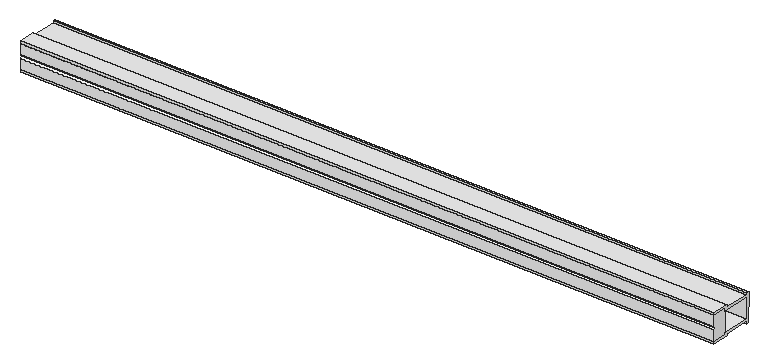
Revit family "4070755+4070746 Feilo Sylvania Lighting Fixture CURSUS 876MM 577LM WIDE LED 4K with CONTINUOUS WALL HOUSING", category Lighting Fixtures, host Face, Revit 2017
Family settings
  Host = Face
  Round Connector Dimension = Use Diameter
  Part Type = Normal
  OmniClass Number = 23.80.70.14
  OmniClass Title = Luminaries for External Lighting
  Cut with Voids When Loaded = Yes
  Light Source = Yes
  Shared = Yes
  Room Calculation Point = No
Parameters (values of type "4070755 CURSUS 876MM 577LM WIDE LED 4K")
  Width_FEILO = 35 mm
  Weight = "1.7 kg"
  Wattage Comments = "n/a"
  Wattage = 13.5 W
  WarrantyStartDate [instance] = "n/a"
  WarrantyGuarantorParts = "n/a"
  WarrantyDurationUnit = "n/a"
  WarrantyDurationParts = "n/a"
  WarrantyDescription = "n/a"
  WallThickness_FEILO = 2.5 mm
  built-in parameter 1150110 = 1 (stored number, unit not read)
  Voltage = 24 V
  URL = "http://www.sylvania-lighting.com"
  TypeName = "CURSUS 876MM 577LM WIDE LED 4K"
  Type Image = <None>
  Type Comments = "n/a"
  built-in parameter 1114217 = 1 (stored number, unit not read)
  Tilt Angle = -90.00°
  built-in parameter 1150109 = 1 (stored number, unit not read)
  built-in parameter 1150134 = 12
  built-in parameter 1150113 = 1 (stored number, unit not read)
  SerialNumber [instance] = "n/a"
  ReflectorMaterial = none
  PowerFactor = 0
  PowerConsumption = "13.5 W"
  Photometric Web File = "4070755.ies"
  NominalLength = 876 mm
  NominalHeight = 50 mm
  NominalDepth = 30 mm
  Name = "CURSUS 876MM 577LM WIDE LED 4K"
  ModelReference = Name  # "CURSUS 876MM 577LM WIDE LED 4K"
  ModelNumber = "4070755"
  Model = Name  # "CURSUS 876MM 577LM WIDE LED 4K"
  Material = "natural anodised extruded aluminium structure housing"
  ManufacturerName = "Feilo Sylvania"
  Manufacturer = "Feilo Sylvania"
  LuminousEfficacy = "42.74 lm/W"
  built-in parameter 1150105 = 318.43 (stored number, unit not read)
  Lumens = 577 lm
  LuminaireType = ""
  built-in parameter 1150115 = 1 (stored number, unit not read)
  LightOutputRatio = "100"
  built-in parameter 1150137 = (empty or 0)
  built-in parameter 1150139 = (empty or 0)
  Length_FEILO = 882 mm
  LampsType = Lamp  # "LED"
  LampNominalLuminous = "577 lm"
  LampMacAdamStep = "n/a"
  LampColourTemperature = "4000 K"
  LampColourRenderingIndex = "80"
  built-in parameter 1150112 = 1 (stored number, unit not read)
  built-in parameter 1150114 = 1 (stored number, unit not read)
  Lamp = "LED"
  Keynote = "16500"
  InstallationDate [instance] = "n/a"
  InputVoltage = "24V DC"
  InputNominalFrequency = "n/a"
  built-in parameter 1150132 = (empty or 0)
  built-in parameter 1150102 = (empty or 0)
  built-in parameter 1150107 = 4000 (stored number, unit not read)
  built-in parameter 1150138 = (empty or 0)
  IngressProtection = "IP67"
  ImpactProtectionIndex = "IK07"
  built-in parameter 1150106 = 3.1843 (stored number, unit not read)
  IfcExportType = "IfcLightFixtureType"
  IfcExportAs = "IfcLightFixtureType"
  ExpectedLife = 50000
  EndCapRight [instance] = no
  EndCapLeft [instance] = no
  Emit from Rectangle Width = Width_FEILO - WallThickness_FEILO * 2  # 30 mm
  Emit from Rectangle Length = Length_FEILO - WallThickness_FEILO * 2  # 877 mm
  Emit Shape Visible in Rendering = no
  ElectricShockClassification = "Class III"
  built-in parameter 1150104 = 3.9707 (stored number, unit not read)
  DurationUnit = "hours"
  DocumentationLiterature = "http://www.sylvania-lighting.com/product/en-int/products/4070755"
  DimmingControlOptions = "n/a"
  Dimming Lamp Color Temperature Shift = <None>
  DiffuserMaterial = Diffuser-Sylvania-Glow
  Description = "LED Exterior Lighting Recessed Surface Mounted Linear Fixture, Natural anodised extruded aluminium structure. Die-cast aluminium end caps. Installation kit with harmonic steel springs., 577 lm, 13,5W,  42lm/W, 4000K, CRI80+,non dimmable,IP67, IK07, (HxWxD) 876x50x30mm, 3 step Mac Adam Ellipse, 1.7kg,, Classe III, 21-25V-DC, energy class : A++, A+, A"
  Default Elevation = 1219.2 mm
  CreatedOn = "1/8/2018"
  CreatedBy = ""
  Cost = 0
  Color Filter = 16777215
  built-in parameter 1114216 [instance] = (empty or 0)
  ClassificationValue = "EF_70_80"
  ClassificationName = "Uniclass2015"
  BodyMaterial = Body-Sylvania-Gray
  BarCode [instance] = "n/a"
  built-in parameter 1114218 = 1 (stored number, unit not read)
  built-in parameter 1150133 = 10 (stored number, unit not read)
  AssetType = "Fixed"
  AssetIdentifier [instance] = "n/a"
  Assembly Code = "D5020200"
  Apparent Load = 13.5 VA
  AccessoryMaterial = Diffuser-Sylvania-Glow
Reference planes
  plane 1 "Center (Front/Back)": y = 0
  plane 2: z = 0
  plane 3 "Center (Left/Right)": x = 0
  plane 4: x = 441
  plane 5: x = -441
  plane 6: x = -438.5
  plane 7: x = 438.5
  plane 8: z = 35
  plane 9: z = 17.5
  plane 10: z = 32.5
  plane 11: z = 2.5
  plane 12: z = 30
  plane 13: z = 5
  plane 14: y = -55
  plane 15: y = -53
  plane 16: y = -2.5
  plane 17: y = -37
  plane 18: y = -34.5
Forms (mm)
  Extrusion 1, solid, material "Body-Sylvania-Gray" <- "BodyMaterial"
    sketch origin (0, 0, 0) x (0, 1, 0) y (0, 0, 1)
      loop
        line (0, 35) -> (-2.5, 35) -> (-2.5, 32.5) -> (-34.5, 32.5) -> (-34.5, 35) -> (-55, 35) -> (-55, 32.5) -> (-37, 32.5) -> (-37, 30) -> (-2.5, 30) -> (-2.5, 5) -> (-37, 5) -> (-37, 2.5) -> (-55, 2.5) -> (-55, 0) -> (-34.5, 0) -> (-34.5, 2.5) -> (-2.5, 2.5) -> (-2.5, 0) -> (0, 0) -> (0, 35)
    from -438.5 to 438.5
  Extrusion 2, solid, material "Diffuser-Sylvania-Glow" <- "DiffuserMaterial"
    sketch origin (0, 0, 0) x (0, 1, 0) y (0, 0, 1)
      loop
        line (-37, 32.5) -> (-55, 32.5) -> (-55, 19.5) -> (-53, 17.5) -> (-55, 15.5) -> (-55, 2.5) -> (-37, 2.5) -> (-37, 32.5)
    from -438.5 to 438.5
  Extrusion 3, solid, material "Body-Sylvania-Gray" <- "BodyMaterial", visible <- "EndCapRight"
    sketch origin (438.5, 1524, 1219.2) x (0, 1, 0) y (0, 0, 1)
      loop
        line (-1579, -1184.2) -> (-1579, -1219.2) -> (-1524, -1219.2) -> (-1524, -1184.2) -> (-1579, -1184.2)
    from 0 to 2.5
  Extrusion 4, solid, material "Body-Sylvania-Gray" <- "BodyMaterial", visible <- "EndCapLeft"
    sketch origin (-438.5, 1524, 1219.2) x (0, 1, 0) y (0, 0, 1)
      loop
        line (-1579, -1184.2) -> (-1579, -1219.2) -> (-1524, -1219.2) -> (-1524, -1184.2) -> (-1579, -1184.2)
    from -2.5 to 0
Dimensions and locks
  equal spacing: plane 5, plane 3 "Center (Left/Right)", plane 4
  "Length_FEILO": plane 5 to plane 4
  equal spacing: plane 6, plane 3 "Center (Left/Right)", plane 7
  "WallThickness_FEILO": plane 5 to plane 6
  locked: plane 9 to plane 2 at 17.5
  locked: plane 8 to plane 2 at 35
  equal spacing: plane 11, plane 9, plane 10
  equal spacing: plane 13, plane 9, plane 12
  "WallThickness_FEILO": plane 12 to plane 10
  locked: plane 14 to plane 15 at 2
  locked: plane 14 to plane 17 at 18
  "WallThickness_FEILO": plane 17 to plane 18
  "WallThickness_FEILO": plane 16 to plane 1 "Center (Front/Back)"
  locked: plane 15 to Extrusion 2 sketch curve (angle 45.00°)
  locked: Extrusion 2 sketch curve to plane 15 (angle 45.00°)
  aligned and locked: plane 2 to host face
  aligned and locked: level to host face
  aligned and locked: plane 1 "Center (Front/Back)" to Extrusion 1 sketch curve
  aligned and locked: Extrusion 1 sketch curve to plane 8  (x2)
  aligned and locked: plane 16 to Extrusion 1 sketch curve
  aligned and locked: host face to Extrusion 1 sketch curve
  aligned and locked: Extrusion 1 sketch curve to plane 16  (x2)
  aligned and locked: Extrusion 1 sketch curve to plane 11
  aligned and locked: plane 18 to Extrusion 1 sketch curve
  aligned and locked: level to Extrusion 1 sketch curve
  aligned and locked: plane 11 to Extrusion 1 sketch curve
  aligned and locked: Extrusion 1 sketch curve to plane 17
  aligned and locked: plane 13 to Extrusion 1 sketch curve
  aligned and locked: Extrusion 1 sketch curve to plane 12
  aligned and locked: plane 10 to Extrusion 1 sketch curve  (x2)
  aligned and locked: plane 17 to Extrusion 1 sketch curve  (x2)
  aligned and locked: plane 12 to Extrusion 1 sketch curve
  aligned and locked: Extrusion 1 sketch curve to plane 10
  aligned and locked: Extrusion 1 sketch curve to plane 18
  aligned and locked: plane 7 to Extrusion 1
  aligned and locked: Extrusion 1 to plane 6
  aligned and locked: Extrusion 2 sketch curve to Extrusion 1  (x4)
  aligned and locked: Extrusion 1 to Extrusion 2 sketch curve
  aligned and locked: plane 9 to Extrusion 2 sketch curve
  aligned and locked: plane 7 to Extrusion 2
  aligned and locked: Extrusion 2 to plane 6
  aligned and locked: Extrusion 3 sketch curve to Extrusion 1  (x4)
  aligned and locked: plane 4 to Extrusion 3
  aligned and locked: Extrusion 3 to plane 7
  aligned and locked: Extrusion 4 sketch curve to Extrusion 3  (x3)
  aligned and locked: Extrusion 4 sketch curve to Extrusion 1
  aligned and locked: Extrusion 4 to plane 5
  aligned and locked: plane 6 to Extrusion 4
  aligned and locked: plane 14 to imposter light
  aligned and locked: imposter light to plane 9
  aligned and locked: plane 3 "Center (Left/Right)" to imposter light
Automatic sketch dimensions
  host sketch curve to host sketch curve = 2438.4 mm  (x2)
  Extrusion 1 sketch curve to plane 14 = 0 mm  (x2)
  Extrusion 2 sketch curve to plane 15 = 0 mm
Connectors
  electrical at (0, 0, 0), driven by "Apparent Load", driven by "PowerFactor", driven by "Voltage"
    settings: index 1, voltage 24 V, apparent load 13.5 VA, apparent load phase1 0 VA, apparent load phase2 0 VA, apparent load phase3 0 VA, power factor 0, load classification "Lighting", number of poles 1, system type 30, power factor state 1, is connector primary yes, connector utility no, sub classification motor no, connector description ""
